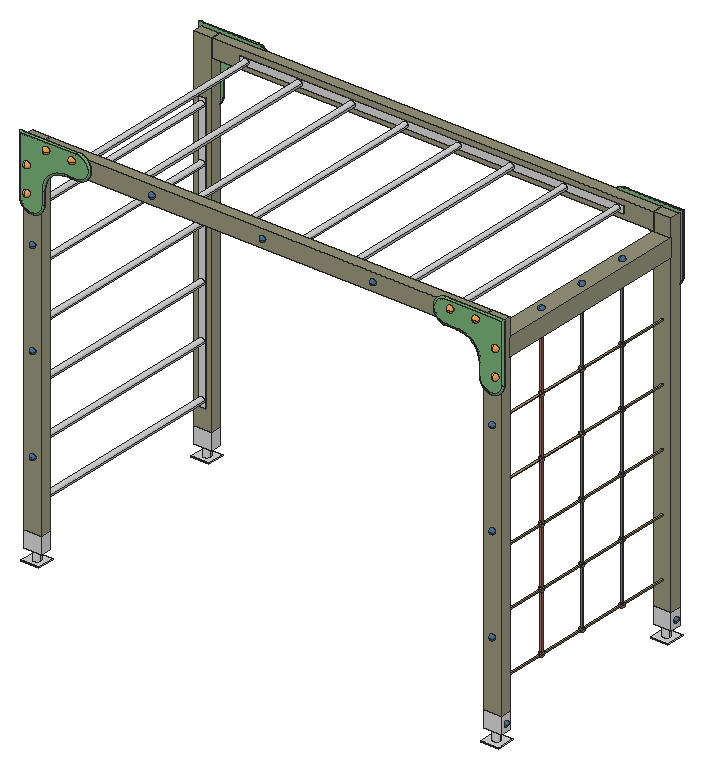
Revit family "20 Blks_Outd Mobipark_Overhead Ladder", category Furniture, Revit 2019
Family settings
  OmniClass Number = 23.40.20.00
  OmniClass Title = General Furniture and Specialties
  Work Plane-Based = Yes
  Always vertical = Yes
  Cut with Voids When Loaded = No
  Shared = No
  Room Calculation Point = No
Parameters (values of type "Wood and Green")
  data = ""
  c [instance] = ((N horizontal - 1) * 30 cm) + 7 cm  # 217 cm
  b [instance] = ((N vertical - 1) * 30 cm) + 7 cm  # 157 cm
  a [instance] = Depth - 17 cm  # 113 cm
  Website = "https://www.BlocksRvt.com/"
  Base = Blks - Wood - Oak - Paint - Green
  Depth [instance] = 130 cm
  Upper Screws = Blks - Plastic - Orange - Glazed
  Screw = Blks - Plastic - Blue - Dark - Glazed
  N vertical [instance] = rounddown(Height / 35 cm)  # 6
  N horizontal [instance] = roundup(Width / 35 cm)  # 8
  Width [instance] = 270 cm
  Manufacturer = "Mobipark"  # constant formula
  Metal Bars = Blks - Metal  - Inox
  Default Elevation = 121.92 cm
  Upper Detail = Blks - Plastic - Green - Glazed
  Designer = ""
  Vertical Ropes = Blks - Rope - Red
  Horizontal Ropes = Blks - Rope - Yellow
  Contact = "info@blocksrvt.com"  # constant formula
  Type Comments = "Overhead Ladder"  # constant formula
  Author = "Blocks"  # constant formula
  Assembly Code = "Outd"
  Height [instance] = 215 cm
Types (4, lengths in cm): name | Screw | Upper Detail
  (no name) | Blks - Plastic - Blue - Dark - Glazed | Blks - Plastic - Green - Glazed
  Wood and Green | Blks - Plastic - Blue - Dark - Glazed | Blks - Plastic - Green - Glazed
  Wood and Red | Blks - Plastic - Blue - Dark - Glazed | Blks - Plastic - Red - Glazed
  Wood and Blue | Blks - Plastic - Red - Glazed | Blks - Plastic - Blue - Dark - Glazed
Reference planes (cm)
  plane 1 "Centro (Frente/Trás)": y = 0
  plane 2: z = 0
  plane 3 "Centro (Esquerda/Direita)": x = 0
  plane 4: y = 65
  plane 5: y = -65
  plane 6: x = 135
  plane 7: x = -135
  plane 8: z = 215
  plane 9: z = 15
  plane 10: x = 125
  plane 11: x = -125
  plane 12: z = 205
  plane 13: y = 63
  plane 14: y = 57
  plane 15: y = -63
  plane 16: y = -57
  plane 17: z = 195
  plane 18: z = 30
  plane 19: z = 63
  plane 20: z = 96
  plane 21: z = 129
  plane 22: z = 162
  plane 23: y = -28.5
  plane 24: y = 28.5
  plane 25: x = 62.5
  plane 26: x = -62.5
  plane 27: z = 107.5
  plane 28: z = 161.25
  plane 29: z = 53.75
Forms (cm)
  Extrusion 1, solid, material "Blks - Metal  - Inox" <- "Metal Bars"
    sketch origin (0, 0, -24.5) x (1, 0, 0) y (0, 1, 0)
      loop
        line (125, 65) -> (125, 55) -> (135, 55) -> (135, 65) -> (125, 65)
    from 24.5 to 25
  Extrusion 2, solid, material "Blks - Metal  - Inox" <- "Metal Bars"
    sketch origin (0, 0, -24.5) x (1, 0, 0) y (0, 1, 0)
      loop
        line (125, -65) -> (135, -65) -> (135, -55) -> (125, -55) -> (125, -65)
    from 24.5 to 25
  Extrusion 3, solid, material "Blks - Metal  - Inox" <- "Metal Bars"
    sketch origin (0, 0, -24.5) x (-1, 0, 0) y (0, -1, 0)
      loop
        line (125, 65) -> (125, 55) -> (135, 55) -> (135, 65) -> (125, 65)
    from 24.5 to 25
  Extrusion 4, solid, material "Blks - Metal  - Inox" <- "Metal Bars"
    sketch origin (0, 0, -24.5) x (-1, 0, 0) y (0, -1, 0)
      loop
        line (125, -65) -> (135, -65) -> (135, -55) -> (125, -55) -> (125, -65)
    from 24.5 to 25
  Extrusion 5, solid, material "Blks - Metal  - Inox" <- "Metal Bars"
    sketch origin (0, 0, 0) x (1, 0, 0) y (0, 1, 0)
      loop
        circle (130, 60) r 2
    from 0.5 to 6
  Extrusion 6, solid, material "Blks - Metal  - Inox" <- "Metal Bars"
    sketch origin (0, 0, 0) x (1, 0, 0) y (0, 1, 0)
      loop
        circle (130, -60) r 2
    from 0.5 to 6
  Extrusion 7, solid, material "Blks - Metal  - Inox" <- "Metal Bars"
    sketch origin (0, 0, 0) x (-1, 0, 0) y (0, -1, 0)
      loop
        circle (130, 60) r 2
    from 0.5 to 6
  Extrusion 8, solid, material "Blks - Metal  - Inox" <- "Metal Bars"
    sketch origin (0, 0, 0) x (-1, 0, 0) y (0, -1, 0)
      loop
        circle (130, -60) r 2
    from 0.5 to 6
  Extrusion 9, solid, material "Blks - Metal  - Inox" <- "Metal Bars"
    sketch origin (0, 0, 0) x (1, 0, 0) y (0, 1, 0)
      loop
        line (135, 63) -> (125, 63) -> (125, 57) -> (135, 57) -> (135, 63)
    from 6 to 15
  Extrusion 10, solid, material "Blks - Metal  - Inox" <- "Metal Bars"
    sketch origin (0, 0, 0) x (-1, 0, 0) y (0, -1, 0)
      loop
        line (135, -63) -> (135, -57) -> (125, -57) -> (125, -63) -> (135, -63)
    from 6 to 15
  Extrusion 11, solid, material "Blks - Metal  - Inox" <- "Metal Bars"
    sketch origin (0, 0, 0) x (-1, 0, 0) y (0, -1, 0)
      loop
        line (135, 63) -> (125, 63) -> (125, 57) -> (135, 57) -> (135, 63)
    from 6 to 15
  Extrusion 12, solid, material "Blks - Metal  - Inox" <- "Metal Bars"
    sketch origin (0, 0, 0) x (1, 0, 0) y (0, 1, 0)
      loop
        line (135, -63) -> (135, -57) -> (125, -57) -> (125, -63) -> (135, -63)
    from 6 to 15
  Extrusion 13, solid, material "Blks - Wood - Oak - Paint - Green" <- "Base"
    sketch origin (0, 0, 0) x (1, 0, 0) y (0, 0, 1)
      loop
        line (-125, 215) -> (-135, 215) -> (-135, 15) -> (-125, 15) -> (-125, 215)
    from 57 to 63
  Extrusion 14, solid, material "Blks - Wood - Oak - Paint - Green" <- "Base"
    sketch origin (0, 0, 0) x (1, 0, 0) y (0, 0, -1)
      loop
        line (-125, -215) -> (-125, -15) -> (-135, -15) -> (-135, -215) -> (-125, -215)
    from 57 to 63
  Extrusion 15, solid, material "Blks - Wood - Oak - Paint - Green" <- "Base"
    sketch origin (0, 0, 0) x (1, 0, 0) y (0, 0, 1)
      loop
        line (135, 215) -> (125, 215) -> (125, 15) -> (135, 15) -> (135, 215)
    from 57 to 63
  Extrusion 16, solid, material "Blks - Wood - Oak - Paint - Green" <- "Base"
    sketch origin (0, 0, 0) x (1, 0, 0) y (0, 0, -1)
      loop
        line (135, -215) -> (135, -15) -> (125, -15) -> (125, -215) -> (135, -215)
    from 57 to 63
  Extrusion 17, solid, material "Blks - Wood - Oak - Paint - Green" <- "Base"
    sketch origin (0, 0, 0) x (1, 0, 0) y (0, 0, 1)
      loop
        line (125, 215) -> (-125, 215) -> (-125, 205) -> (125, 205) -> (125, 215)
    from 57 to 63
  Extrusion 18, solid, material "Blks - Wood - Oak - Paint - Green" <- "Base"
    sketch origin (0, 0, 0) x (1, 0, 0) y (0, 0, -1)
      loop
        line (125, -215) -> (125, -205) -> (-125, -205) -> (-125, -215) -> (125, -215)
    from 57 to 63
  Extrusion 19, solid, material "Blks - Wood - Oak - Paint - Green" <- "Base"
    sketch origin (0, 0, 0) x (0, 1, 0) y (0, 0, 1)
      loop
        line (-57, 205) -> (-57, 195) -> (57, 195) -> (57, 205) -> (-57, 205)
    from 125 to 135
  Extrusion 20, solid, material "Blks - Rope - Yellow" <- "Horizontal Ropes"
    sketch origin (0, 0, 0) x (1, 0, 0) y (0, 0, 1)
      loop
        circle (130, 30) r 0.5
    from -57 to 57
  Extrusion 21, solid, material "Blks - Rope - Yellow" <- "Horizontal Ropes"
    sketch origin (0, 0, 33) x (1, 0, 0) y (0, 0, 1)
      loop
        circle (130, 30) r 0.5
    from -57 to 57
  Extrusion 22, solid, material "Blks - Rope - Yellow" <- "Horizontal Ropes"
    sketch origin (0, 0, 66) x (1, 0, 0) y (0, 0, 1)
      loop
        circle (130, 30) r 0.5
    from -57 to 57
  Extrusion 23, solid, material "Blks - Rope - Yellow" <- "Horizontal Ropes"
    sketch origin (0, 0, 99) x (1, 0, 0) y (0, 0, 1)
      loop
        circle (130, 30) r 0.5
    from -57 to 57
  Extrusion 24, solid, material "Blks - Rope - Yellow" <- "Horizontal Ropes"
    sketch origin (0, 0, 132) x (1, 0, 0) y (0, 0, 1)
      loop
        circle (130, 30) r 0.5
    from -57 to 57
  Extrusion 25, solid, material "Blks - Rope - Red" <- "Vertical Ropes"
    sketch origin (0, 0, 0) x (1, 0, 0) y (0, 1, 0)
      loop
        circle (130, 28.5) r 0.5
    from 30 to 195
  Extrusion 26, solid, material "Blks - Rope - Red" <- "Vertical Ropes"
    sketch origin (0, -28.5, 0) x (1, 0, 0) y (0, 1, 0)
      loop
        circle (130, 28.5) r 0.5
    from 30 to 195
  Extrusion 27, solid, material "Blks - Rope - Red" <- "Vertical Ropes"
    sketch origin (0, -57, 0) x (1, 0, 0) y (0, 1, 0)
      loop
        circle (130, 28.5) r 0.5
    from 30 to 195
  Revolve 28, solid, material "Blks - Rope - Red" <- "Vertical Ropes"
    sketch origin (130, 0, 0) x (0, 1, 0) y (0, 0, 1)
      loop
        arc (28.5, 163.3) -> (27.2, 162) -> (28.5, 160.7) r 1.3
        line (28.5, 160.7) -> (28.5, 163.3)
      axis (28.5, 160.7) -> (28.5, 163.3)
    angle from 0 to 360
  Revolve 29, solid, material "Blks - Rope - Red" <- "Vertical Ropes", not visible
    sketch origin (130, 0, 0) x (0, 1, 0) y (0, 0, 1)
      loop
        arc (28.5, 163.3) -> (27.2, 162) -> (28.5, 160.7) r 1.3
        line (28.5, 160.7) -> (28.5, 163.3)
      axis (28.5, 160.7) -> (28.5, 163.3)
    angle from 0 to 360
  Revolve 30, solid, material "Blks - Rope - Red" <- "Vertical Ropes"
    sketch origin (130, -28.5, 0) x (0, 1, 0) y (0, 0, 1)
      loop
        arc (28.5, 163.3) -> (27.2, 162) -> (28.5, 160.7) r 1.3
        line (28.5, 160.7) -> (28.5, 163.3)
      axis (28.5, 160.7) -> (28.5, 163.3)
    angle from 0 to 360
  Revolve 31, solid, material "Blks - Rope - Red" <- "Vertical Ropes"
    sketch origin (130, -57, 0) x (0, 1, 0) y (0, 0, 1)
      loop
        arc (28.5, 163.3) -> (27.2, 162) -> (28.5, 160.7) r 1.3
        line (28.5, 160.7) -> (28.5, 163.3)
      axis (28.5, 160.7) -> (28.5, 163.3)
    angle from 0 to 360
  Revolve 32, solid, material "Blks - Rope - Red" <- "Vertical Ropes"
    sketch origin (130, 0, -33) x (0, 1, 0) y (0, 0, 1)
      loop
        arc (28.5, 163.3) -> (27.2, 162) -> (28.5, 160.7) r 1.3
        line (28.5, 160.7) -> (28.5, 163.3)
      axis (28.5, 160.7) -> (28.5, 163.3)
    angle from 0 to 360
  Revolve 33, solid, material "Blks - Rope - Red" <- "Vertical Ropes"
    sketch origin (130, -28.5, -33) x (0, 1, 0) y (0, 0, 1)
      loop
        arc (28.5, 163.3) -> (27.2, 162) -> (28.5, 160.7) r 1.3
        line (28.5, 160.7) -> (28.5, 163.3)
      axis (28.5, 160.7) -> (28.5, 163.3)
    angle from 0 to 360
  Revolve 34, solid, material "Blks - Rope - Red" <- "Vertical Ropes"
    sketch origin (130, -57, -33) x (0, 1, 0) y (0, 0, 1)
      loop
        arc (28.5, 163.3) -> (27.2, 162) -> (28.5, 160.7) r 1.3
        line (28.5, 160.7) -> (28.5, 163.3)
      axis (28.5, 160.7) -> (28.5, 163.3)
    angle from 0 to 360
  Revolve 35, solid, material "Blks - Rope - Red" <- "Vertical Ropes"
    sketch origin (130, 0, -66) x (0, 1, 0) y (0, 0, 1)
      loop
        arc (28.5, 163.3) -> (27.2, 162) -> (28.5, 160.7) r 1.3
        line (28.5, 160.7) -> (28.5, 163.3)
      axis (28.5, 160.7) -> (28.5, 163.3)
    angle from 0 to 360
  Revolve 36, solid, material "Blks - Rope - Red" <- "Vertical Ropes"
    sketch origin (130, -28.5, -66) x (0, 1, 0) y (0, 0, 1)
      loop
        arc (28.5, 163.3) -> (27.2, 162) -> (28.5, 160.7) r 1.3
        line (28.5, 160.7) -> (28.5, 163.3)
      axis (28.5, 160.7) -> (28.5, 163.3)
    angle from 0 to 360
  Revolve 37, solid, material "Blks - Rope - Red" <- "Vertical Ropes"
    sketch origin (130, -57, -66) x (0, 1, 0) y (0, 0, 1)
      loop
        arc (28.5, 163.3) -> (27.2, 162) -> (28.5, 160.7) r 1.3
        line (28.5, 160.7) -> (28.5, 163.3)
      axis (28.5, 160.7) -> (28.5, 163.3)
    angle from 0 to 360
  Revolve 38, solid, material "Blks - Rope - Red" <- "Vertical Ropes"
    sketch origin (130, 0, -99) x (0, 1, 0) y (0, 0, 1)
      loop
        arc (28.5, 163.3) -> (27.2, 162) -> (28.5, 160.7) r 1.3
        line (28.5, 160.7) -> (28.5, 163.3)
      axis (28.5, 160.7) -> (28.5, 163.3)
    angle from 0 to 360
  Revolve 39, solid, material "Blks - Rope - Red" <- "Vertical Ropes"
    sketch origin (130, -28.5, -99) x (0, 1, 0) y (0, 0, 1)
      loop
        arc (28.5, 163.3) -> (27.2, 162) -> (28.5, 160.7) r 1.3
        line (28.5, 160.7) -> (28.5, 163.3)
      axis (28.5, 160.7) -> (28.5, 163.3)
    angle from 0 to 360
  Revolve 40, solid, material "Blks - Rope - Red" <- "Vertical Ropes"
    sketch origin (130, -57, -99) x (0, 1, 0) y (0, 0, 1)
      loop
        arc (28.5, 163.3) -> (27.2, 162) -> (28.5, 160.7) r 1.3
        line (28.5, 160.7) -> (28.5, 163.3)
      axis (28.5, 160.7) -> (28.5, 163.3)
    angle from 0 to 360
  Revolve 41, solid, material "Blks - Rope - Red" <- "Vertical Ropes"
    sketch origin (130, 0, -132) x (0, 1, 0) y (0, 0, 1)
      loop
        arc (28.5, 163.3) -> (27.2, 162) -> (28.5, 160.7) r 1.3
        line (28.5, 160.7) -> (28.5, 163.3)
      axis (28.5, 160.7) -> (28.5, 163.3)
    angle from 0 to 360
  Revolve 42, solid, material "Blks - Rope - Red" <- "Vertical Ropes"
    sketch origin (130, -28.5, -132) x (0, 1, 0) y (0, 0, 1)
      loop
        arc (28.5, 163.3) -> (27.2, 162) -> (28.5, 160.7) r 1.3
        line (28.5, 160.7) -> (28.5, 163.3)
      axis (28.5, 160.7) -> (28.5, 163.3)
    angle from 0 to 360
  Revolve 43, solid, material "Blks - Rope - Red" <- "Vertical Ropes"
    sketch origin (130, -57, -132) x (0, 1, 0) y (0, 0, 1)
      loop
        arc (28.5, 163.3) -> (27.2, 162) -> (28.5, 160.7) r 1.3
        line (28.5, 160.7) -> (28.5, 163.3)
      axis (28.5, 160.7) -> (28.5, 163.3)
    angle from 0 to 360
Lines and regions (cm)
  symbolic lines, style "InvisibleLines"
    curve 1: line (130.7527, 0, 162) -> (129.2527, 0, 162)
    curve 3: line (0, 28.5, 162.6162) -> (0, 28.5, 161.3794)
    curve 5: line (130, 0, 162.5) -> (130, 0, 161.302)
    curve 7: line (130.7527, -28.5, 162) -> (129.2527, -28.5, 162)
    curve 8: line (0, 0, 162.6162) -> (0, 0, 161.3794)
    curve 9: line (130, -28.5, 162.5) -> (130, -28.5, 161.302)
    curve 10: line (130.7527, -57, 162) -> (129.2527, -57, 162)
    curve 11: line (0, -28.5, 162.6162) -> (0, -28.5, 161.3794)
    curve 12: line (130, -57, 162.5) -> (130, -57, 161.302)
    curve 13: line (130.7527, 0, 129) -> (129.2527, 0, 129)
    curve 14: line (0, 28.5, 129.6162) -> (0, 28.5, 128.3794)
    curve 15: line (130, 0, 129.5) -> (130, 0, 128.302)
    curve 16: line (130.7527, -28.5, 129) -> (129.2527, -28.5, 129)
    curve 17: line (0, 0, 129.6162) -> (0, 0, 128.3794)
    curve 18: line (130, -28.5, 129.5) -> (130, -28.5, 128.302)
    curve 19: line (130.7527, -57, 129) -> (129.2527, -57, 129)
    curve 20: line (0, -28.5, 129.6162) -> (0, -28.5, 128.3794)
    curve 21: line (130, -57, 129.5) -> (130, -57, 128.302)
    curve 22: line (130.7527, 0, 96) -> (129.2527, 0, 96)
    curve 23: line (0, 28.5, 96.6162) -> (0, 28.5, 95.3794)
    curve 24: line (130, 0, 96.5) -> (130, 0, 95.302)
    curve 25: line (130.7527, -28.5, 96) -> (129.2527, -28.5, 96)
    curve 26: line (0, 0, 96.6162) -> (0, 0, 95.3794)
    curve 27: line (130, -28.5, 96.5) -> (130, -28.5, 95.302)
    curve 28: line (130.7527, -57, 96) -> (129.2527, -57, 96)
    curve 29: line (0, -28.5, 96.6162) -> (0, -28.5, 95.3794)
    curve 30: line (130, -57, 96.5) -> (130, -57, 95.302)
    curve 31: line (130.7527, 0, 63) -> (129.2527, 0, 63)
    curve 32: line (0, 28.5, 63.6162) -> (0, 28.5, 62.3794)
    curve 33: line (130, 0, 63.5) -> (130, 0, 62.302)
    curve 34: line (130.7527, -28.5, 63) -> (129.2527, -28.5, 63)
    curve 35: line (0, 0, 63.6162) -> (0, 0, 62.3794)
    curve 36: line (130, -28.5, 63.5) -> (130, -28.5, 62.302)
    curve 37: line (130.7527, -57, 63) -> (129.2527, -57, 63)
    curve 38: line (0, -28.5, 63.6162) -> (0, -28.5, 62.3794)
    curve 39: line (130, -57, 63.5) -> (130, -57, 62.302)
    curve 40: line (130.7527, 0, 30) -> (129.2527, 0, 30)
    curve 41: line (0, 28.5, 30.6162) -> (0, 28.5, 29.3794)
    curve 42: line (130, 0, 30.5) -> (130, 0, 29.302)
    curve 43: line (130.7527, -28.5, 30) -> (129.2527, -28.5, 30)
    curve 44: line (0, 0, 30.6162) -> (0, 0, 29.3794)
    curve 45: line (130, -28.5, 30.5) -> (130, -28.5, 29.302)
    curve 46: line (130.7527, -57, 30) -> (129.2527, -57, 30)
    curve 47: line (0, -28.5, 30.6162) -> (0, -28.5, 29.3794)
    curve 48: line (130, -57, 30.5) -> (130, -57, 29.302)
  symbolic lines, style "InvisibleLines", not visible
    curve 2: line (130.7527, 0, 162) -> (129.2527, 0, 162)
    curve 4: line (0, 28.5, 162.6162) -> (0, 28.5, 161.3794)
    curve 6: line (130, 0, 162.5) -> (130, 0, 161.302)
Dimensions and locks (cm)
  equal spacing: plane 5, plane 1 "Centro (Frente/Trás)", plane 4
  "Depth": plane 5 to plane 4
  equal spacing: plane 7, plane 3 "Centro (Esquerda/Direita)", plane 6
  "Width": plane 7 to plane 6
  "Height": plane 8 to level
  locked: plane 7 to plane 11 at 10
  locked: plane 10 to plane 6 at 10
  locked: plane 8 to plane 12 at 10
  locked: plane 9 to level at 15
  plane 5 to plane 15 to plane 16 = 2 cm locked, 6 cm locked
  plane 14 to plane 13 to plane 4 = 6 cm locked, 2 cm locked
  locked: plane 17 to plane 12 at 10
  locked: level to plane 18 at 30
  equal spacing: plane 18, plane 19, plane 20, plane 21, plane 22, plane 17
  equal spacing: plane 14, plane 24, plane 1 "Centro (Frente/Trás)"
  equal spacing: plane 1 "Centro (Frente/Trás)", plane 23, plane 16
  plane 18 to Extrusion 20 sketch curve = 0 cm
  plane 19 to Extrusion 21 sketch curve = 0 cm
  plane 20 to Extrusion 22 sketch curve = 0 cm
  plane 21 to Extrusion 23 sketch curve = 0 cm
  plane 22 to Extrusion 24 sketch curve = 0 cm
  plane 24 to Extrusion 25 sketch curve = 0 cm
  plane 1 "Centro (Frente/Trás)" to Extrusion 26 sketch curve = 0 cm
  plane 23 to Extrusion 27 sketch curve = 0 cm
  locked: plane 6 to curve 5 at 5
  locked: plane 22 to curve 1
  locked: plane 24 to curve 3 at 0
  locked: plane 1 "Centro (Frente/Trás)" to curve 8 at 0
  locked: curve 9 to plane 6 at 5
  locked: curve 7 to plane 22
  locked: plane 23 to curve 11 at 0
  locked: plane 22 to curve 10
  locked: plane 6 to curve 12 at 5
  locked: plane 24 to curve 14 at 0
  locked: plane 21 to curve 13
  locked: plane 6 to curve 15 at 5
  locked: plane 1 "Centro (Frente/Trás)" to curve 17 at 0
  locked: plane 21 to curve 16
  locked: plane 6 to curve 18 at 5
  locked: plane 23 to curve 20 at 0
  locked: plane 21 to curve 19
  locked: plane 6 to curve 21 at 5
  locked: plane 24 to curve 23 at 0
  locked: plane 20 to curve 22
  locked: plane 6 to curve 24 at 5
  locked: plane 1 "Centro (Frente/Trás)" to curve 26 at 0
  locked: plane 20 to curve 25
  locked: plane 6 to curve 27 at 5
  locked: plane 23 to curve 29 at 0
  locked: plane 20 to curve 28
  locked: plane 6 to curve 30 at 5
  locked: plane 24 to curve 32 at 0
  locked: plane 19 to curve 31
  locked: plane 6 to curve 33 at 5
  locked: plane 1 "Centro (Frente/Trás)" to curve 35 at 0
  locked: plane 19 to curve 34
  locked: plane 6 to curve 36 at 5
  locked: plane 23 to curve 38 at 0
  locked: plane 19 to curve 37
  locked: plane 6 to curve 39 at 5
  locked: plane 24 to curve 41 at 0
  locked: plane 18 to Extrusion 27 at 0
  locked: plane 6 to curve 42 at 5
  locked: plane 1 "Centro (Frente/Trás)" to curve 44 at 0
  locked: plane 18 to curve 43 at 0
  locked: plane 6 to curve 45 at 5
  locked: plane 23 to curve 47 at 0
  locked: plane 18 to curve 46 at 0
  locked: plane 6 to curve 48 at 5
  equal spacing: group 17, group 18, group 19, group 20, group 21, group 22  (x3)
  locked: nested 2 to plane 18 at 28.5
  equal spacing: group 23, group 24, group 25, group 26, group 27, group 28, group 29, group 30  (x3)
  locked: nested 7 to plane 11 at 20
  locked: nested 8 to plane 11 at 50
  locked: plane 8 to nested 7 at 6.5
  locked: plane 8 to nested 8 at 6.5
  locked: plane 11 to nested 1 at 5
  locked: plane 11 to nested 2 at 5
  locked: nested 15 to plane 7 at 5
  locked: plane 18 to nested 15 at 3.5
  locked: nested 16 to plane 7 at 5
  locked: plane 18 to nested 16 at 3.5
  locked: nested 17 to plane 11 at 16.5
  locked: nested 17 to plane 12 at 5
  locked: nested 18 to plane 12 at 5
  locked: plane 11 to nested 18 at 16.5
  locked: plane 7 to nested 19 at 2
  locked: nested 19 to plane 8 at 2
  locked: nested 20 to plane 8 at 2
  locked: nested 20 to plane 7 at 2
  locked: nested 21 to plane 8 at 2
  locked: nested 21 to plane 6 at 2
  locked: nested 22 to plane 6 at 2
  locked: nested 22 to plane 8 at 2
  locked: nested 25 to plane 6 at 5
  locked: nested 24 to plane 6 at 5
  locked: nested 23 to plane 6 at 5
  equal spacing: plane 10, plane 25, plane 3 "Centro (Esquerda/Direita)"
  equal spacing: plane 3 "Centro (Esquerda/Direita)", plane 26, plane 11
  locked: plane 8 to nested 26 at 5
  locked: plane 8 to nested 27 at 5
  locked: plane 8 to nested 28 at 5
  locked: plane 8 to nested 29 at 5
  locked: plane 8 to nested 30 at 5
  locked: plane 8 to nested 31 at 5
  equal spacing: plane 8, plane 28, plane 27, plane 29, level
  locked: nested 34 to plane 7 at 5
  locked: nested 33 to plane 7 at 5
  locked: nested 32 to plane 7 at 5
  locked: nested 35 to plane 7 at 5
  locked: nested 36 to plane 7 at 5
  locked: nested 37 to plane 7 at 5
  locked: plane 6 to nested 38 at 5
  locked: plane 6 to nested 39 at 5
  locked: plane 6 to nested 40 at 5
  locked: nested 43 to plane 10 at 5
  locked: nested 42 to plane 10 at 5
  locked: nested 41 to plane 10 at 5
  aligned and locked: level to plane 2
  aligned and locked: Extrusion 13 to plane 15
  aligned and locked: plane 16 to Extrusion 13
  aligned and locked: Extrusion 14 to plane 13
  aligned and locked: Extrusion 14 to plane 14
  aligned and locked: Extrusion 15 to plane 15
  aligned and locked: Extrusion 15 to plane 16
  aligned and locked: Extrusion 16 to plane 13
  aligned and locked: plane 14 to Extrusion 16
  aligned and locked: Extrusion 17 to plane 15
  aligned and locked: plane 16 to Extrusion 17
  aligned and locked: Extrusion 18 to plane 13
  aligned and locked: plane 14 to Extrusion 18
  aligned and locked: plane 6 to Extrusion 19
  aligned and locked: Extrusion 19 to plane 10
  aligned and locked: Extrusion 20 to plane 14
  aligned and locked: Extrusion 20 to plane 16
  aligned and locked: Extrusion 21 to plane 14
  aligned and locked: Extrusion 21 to plane 16
  aligned and locked: Extrusion 22 to plane 16
  aligned and locked: Extrusion 22 to plane 14
  aligned and locked: Extrusion 23 to plane 14
  aligned and locked: Extrusion 23 to plane 16
  aligned and locked: Extrusion 24 to plane 14
  aligned and locked: Extrusion 24 to plane 16
  aligned and locked: Extrusion 25 to plane 17
  aligned and locked: plane 18 to Extrusion 25
  aligned and locked: Extrusion 26 to plane 17
  aligned and locked: plane 18 to Extrusion 26
  aligned and locked: Extrusion 27 to plane 17
  aligned and locked: plane 18 to Extrusion 27
  aligned and locked: plane 18 to nested 1
  aligned and locked: nested 23 to plane 24
  aligned and locked: nested 24 to plane 1 "Centro (Frente/Trás)"
  aligned and locked: nested 25 to plane 23
  aligned and locked: plane 26 to nested 26
  aligned and locked: plane 3 "Centro (Esquerda/Direita)" to nested 27
  aligned and locked: plane 25 to nested 28
  aligned and locked: plane 26 to nested 29
  aligned and locked: plane 3 "Centro (Esquerda/Direita)" to nested 30
  aligned and locked: plane 25 to nested 31
  aligned and locked: plane 29 to nested 34
  aligned and locked: plane 27 to nested 33
  aligned and locked: plane 28 to nested 32
  aligned and locked: nested 37 to plane 29
  aligned and locked: nested 36 to plane 27
  aligned and locked: nested 35 to plane 28
  aligned and locked: plane 28 to nested 38
  aligned and locked: plane 27 to nested 39
  aligned and locked: plane 29 to nested 40
  aligned and locked: nested 43 to plane 29
  aligned and locked: nested 41 to plane 28
  aligned and locked: nested 42 to plane 27
Automatic sketch dimensions
  Extrusion 13 sketch curve to plane 7 = 0 cm
  Extrusion 13 sketch curve to plane 9 = 0 cm
  Extrusion 13 sketch curve to plane 11 = 0 cm
  Extrusion 13 sketch curve to plane 8 = 0 cm
  Extrusion 14 sketch curve to plane 7 = 0 cm
  Extrusion 14 sketch curve to plane 9 = 0 cm
  Extrusion 14 sketch curve to plane 11 = 0 cm
  Extrusion 14 sketch curve to plane 8 = 0 cm
  Revolve 28 sketch curve to Revolve 28 sketch curve = 15.7 cm
  Revolve 28 sketch curve to Revolve 28 sketch curve = 1.3 cm
  Revolve 28 sketch curve to Revolve 28 sketch curve = 0 cm
  Revolve 28 sketch curve to Revolve 28 sketch curve = 21.7 cm
  Revolve 29 sketch curve to Revolve 29 sketch curve = 15.7 cm
  Revolve 29 sketch curve to Revolve 29 sketch curve = 1.3 cm
  Revolve 29 sketch curve to Revolve 29 sketch curve = 0 cm
  Revolve 29 sketch curve to Revolve 29 sketch curve = 21.7 cm
  curve 3 to curve 3 = 1.2369 cm
  curve 4 to curve 4 = 1.2369 cm
  curve 1 to curve 5 = 0.7473 cm
  curve 5 to curve 1 = 0.7527 cm
  curve 5 to curve 1 = 0.698 cm
  curve 1 to curve 5 = 0.5 cm
  curve 2 to curve 6 = 0.7473 cm
  curve 6 to curve 2 = 0.7527 cm
  curve 6 to curve 2 = 0.698 cm
  curve 2 to curve 6 = 0.5 cm
  Revolve 30 sketch curve to Revolve 30 sketch curve = 15.7 cm
  Revolve 30 sketch curve to Revolve 30 sketch curve = 1.3 cm
  Revolve 30 sketch curve to Revolve 30 sketch curve = 0 cm
  Revolve 30 sketch curve to Revolve 30 sketch curve = 21.7 cm
  curve 8 to curve 8 = 1.2369 cm
  curve 7 to curve 9 = 0.7473 cm
  curve 9 to curve 7 = 0.7527 cm
  curve 9 to curve 7 = 0.698 cm
  curve 7 to curve 9 = 0.5 cm
  Revolve 31 sketch curve to Revolve 31 sketch curve = 15.7 cm
  Revolve 31 sketch curve to Revolve 31 sketch curve = 1.3 cm
  Revolve 31 sketch curve to Revolve 31 sketch curve = 0 cm
  Revolve 31 sketch curve to Revolve 31 sketch curve = 21.7 cm
  curve 11 to curve 11 = 1.2369 cm
  curve 10 to curve 12 = 0.7473 cm
  curve 12 to curve 10 = 0.7527 cm
  curve 12 to curve 10 = 0.698 cm
  curve 10 to curve 12 = 0.5 cm
  Revolve 32 sketch curve to Revolve 32 sketch curve = 15.7 cm
  Revolve 32 sketch curve to Revolve 32 sketch curve = 1.3 cm
  Revolve 32 sketch curve to Revolve 32 sketch curve = 0 cm
  Revolve 32 sketch curve to Revolve 32 sketch curve = 21.7 cm
  curve 14 to curve 14 = 1.2369 cm
  curve 13 to curve 15 = 0.7473 cm
  curve 15 to curve 13 = 0.7527 cm
  curve 15 to curve 13 = 0.698 cm
  curve 13 to curve 15 = 0.5 cm
  Revolve 33 sketch curve to Revolve 33 sketch curve = 15.7 cm
  Revolve 33 sketch curve to Revolve 33 sketch curve = 1.3 cm
  Revolve 33 sketch curve to Revolve 33 sketch curve = 0 cm
  Revolve 33 sketch curve to Revolve 33 sketch curve = 21.7 cm
  curve 17 to curve 17 = 1.2369 cm
  curve 16 to curve 18 = 0.7473 cm
  curve 18 to curve 16 = 0.7527 cm
  curve 18 to curve 16 = 0.698 cm
  curve 16 to curve 18 = 0.5 cm
  Revolve 34 sketch curve to Revolve 34 sketch curve = 15.7 cm
  Revolve 34 sketch curve to Revolve 34 sketch curve = 1.3 cm
  Revolve 34 sketch curve to Revolve 34 sketch curve = 0 cm
  Revolve 34 sketch curve to Revolve 34 sketch curve = 21.7 cm
  curve 20 to curve 20 = 1.2369 cm
  curve 19 to curve 21 = 0.7473 cm
  curve 21 to curve 19 = 0.7527 cm
  curve 21 to curve 19 = 0.698 cm
  curve 19 to curve 21 = 0.5 cm
  Revolve 35 sketch curve to Revolve 35 sketch curve = 15.7 cm
  Revolve 35 sketch curve to Revolve 35 sketch curve = 1.3 cm
  Revolve 35 sketch curve to Revolve 35 sketch curve = 0 cm
  Revolve 35 sketch curve to Revolve 35 sketch curve = 21.7 cm
  curve 23 to curve 23 = 1.2369 cm
  curve 22 to curve 24 = 0.7473 cm
  curve 24 to curve 22 = 0.7527 cm
  curve 24 to curve 22 = 0.698 cm
  curve 22 to curve 24 = 0.5 cm
  Revolve 36 sketch curve to Revolve 36 sketch curve = 15.7 cm
  Revolve 36 sketch curve to Revolve 36 sketch curve = 1.3 cm
  Revolve 36 sketch curve to Revolve 36 sketch curve = 0 cm
  Revolve 36 sketch curve to Revolve 36 sketch curve = 21.7 cm
  curve 26 to curve 26 = 1.2369 cm
  curve 25 to curve 27 = 0.7473 cm
  curve 27 to curve 25 = 0.7527 cm
  curve 27 to curve 25 = 0.698 cm
  curve 25 to curve 27 = 0.5 cm
  Revolve 37 sketch curve to Revolve 37 sketch curve = 15.7 cm
  Revolve 37 sketch curve to Revolve 37 sketch curve = 1.3 cm
  Revolve 37 sketch curve to Revolve 37 sketch curve = 0 cm
  Revolve 37 sketch curve to Revolve 37 sketch curve = 21.7 cm
  curve 29 to curve 29 = 1.2369 cm
  curve 28 to curve 30 = 0.7473 cm
  curve 30 to curve 28 = 0.7527 cm
  curve 30 to curve 28 = 0.698 cm
  curve 28 to curve 30 = 0.5 cm
  Revolve 38 sketch curve to Revolve 38 sketch curve = 15.7 cm
  Revolve 38 sketch curve to Revolve 38 sketch curve = 1.3 cm
  Revolve 38 sketch curve to Revolve 38 sketch curve = 0 cm
  Revolve 38 sketch curve to Revolve 38 sketch curve = 21.7 cm
  curve 32 to curve 32 = 1.2369 cm
  curve 31 to curve 33 = 0.7473 cm
  curve 33 to curve 31 = 0.7527 cm
  curve 33 to curve 31 = 0.698 cm
  curve 31 to curve 33 = 0.5 cm
  Revolve 39 sketch curve to Revolve 39 sketch curve = 15.7 cm
  Revolve 39 sketch curve to Revolve 39 sketch curve = 1.3 cm
  Revolve 39 sketch curve to Revolve 39 sketch curve = 0 cm
  Revolve 39 sketch curve to Revolve 39 sketch curve = 21.7 cm
  curve 35 to curve 35 = 1.2369 cm
  curve 34 to curve 36 = 0.7473 cm
  curve 36 to curve 34 = 0.7527 cm
  curve 36 to curve 34 = 0.698 cm
  curve 34 to curve 36 = 0.5 cm
  Revolve 40 sketch curve to Revolve 40 sketch curve = 15.7 cm
  Revolve 40 sketch curve to Revolve 40 sketch curve = 1.3 cm
  Revolve 40 sketch curve to Revolve 40 sketch curve = 0 cm
  Revolve 40 sketch curve to Revolve 40 sketch curve = 21.7 cm
  curve 38 to curve 38 = 1.2369 cm
  curve 37 to curve 39 = 0.7473 cm
  curve 39 to curve 37 = 0.7527 cm
  curve 39 to curve 37 = 0.698 cm
  curve 37 to curve 39 = 0.5 cm
  Revolve 41 sketch curve to Revolve 41 sketch curve = 15.7 cm
  Revolve 41 sketch curve to Revolve 41 sketch curve = 1.3 cm
  Revolve 41 sketch curve to Revolve 41 sketch curve = 0 cm
  Revolve 41 sketch curve to Revolve 41 sketch curve = 21.7 cm
  curve 41 to curve 41 = 1.2369 cm
  curve 40 to curve 42 = 0.7473 cm
  curve 42 to curve 40 = 0.7527 cm
  curve 42 to curve 40 = 0.698 cm
  curve 40 to curve 42 = 0.5 cm
  Revolve 42 sketch curve to Revolve 42 sketch curve = 15.7 cm
  Revolve 42 sketch curve to Revolve 42 sketch curve = 1.3 cm
  Revolve 42 sketch curve to Revolve 42 sketch curve = 0 cm
  Revolve 42 sketch curve to Revolve 42 sketch curve = 21.7 cm
  curve 44 to curve 44 = 1.2369 cm
  curve 43 to curve 45 = 0.7473 cm
  curve 45 to curve 43 = 0.7527 cm
  curve 45 to curve 43 = 0.698 cm
  curve 43 to curve 45 = 0.5 cm
  Revolve 43 sketch curve to Revolve 43 sketch curve = 15.7 cm
  Revolve 43 sketch curve to Revolve 43 sketch curve = 1.3 cm
  Revolve 43 sketch curve to Revolve 43 sketch curve = 0 cm
  Revolve 43 sketch curve to Revolve 43 sketch curve = 21.7 cm
  curve 47 to curve 47 = 1.2369 cm
  curve 46 to curve 48 = 0.7473 cm
  curve 48 to curve 46 = 0.7527 cm
  curve 48 to curve 46 = 0.698 cm
  curve 46 to curve 48 = 0.5 cm
  Extrusion 1 sketch curve to plane 10 = 0 cm
  plane 4 to Extrusion 1 sketch curve = 0 cm
  Extrusion 1 sketch curve to plane 6 = 0 cm
  plane 14 to Extrusion 1 sketch curve = 2 cm
  Extrusion 2 sketch curve to plane 10 = 0 cm
  plane 5 to Extrusion 2 sketch curve = 0 cm
  Extrusion 2 sketch curve to plane 6 = 0 cm
  plane 16 to Extrusion 2 sketch curve = 2 cm
  Extrusion 3 sketch curve to plane 11 = 0 cm
  plane 5 to Extrusion 3 sketch curve = 0 cm
  Extrusion 3 sketch curve to plane 7 = 0 cm
  plane 16 to Extrusion 3 sketch curve = 2 cm
  Extrusion 4 sketch curve to plane 11 = 0 cm
  plane 4 to Extrusion 4 sketch curve = 0 cm
  Extrusion 4 sketch curve to plane 7 = 0 cm
  plane 14 to Extrusion 4 sketch curve = 2 cm
  Extrusion 5 sketch curve to plane 6 = 5 cm
  plane 13 to Extrusion 5 sketch curve = 3 cm
  Extrusion 6 sketch curve to plane 6 = 5 cm
  plane 15 to Extrusion 6 sketch curve = 3 cm
  plane 7 to Extrusion 7 sketch curve = 5 cm
  plane 15 to Extrusion 7 sketch curve = 3 cm
  plane 7 to Extrusion 8 sketch curve = 5 cm
  plane 13 to Extrusion 8 sketch curve = 3 cm
  Extrusion 9 sketch curve to plane 10 = 0 cm
  Extrusion 9 sketch curve to plane 6 = 0 cm
  plane 14 to Extrusion 9 sketch curve = 0 cm
  plane 13 to Extrusion 9 sketch curve = 0 cm
  Extrusion 10 sketch curve to plane 11 = 0 cm
  Extrusion 10 sketch curve to plane 7 = 0 cm
  plane 13 to Extrusion 10 sketch curve = 0 cm
  plane 14 to Extrusion 10 sketch curve = 0 cm
  Extrusion 11 sketch curve to plane 11 = 0 cm
  Extrusion 11 sketch curve to plane 7 = 0 cm
  Extrusion 11 sketch curve to plane 16 = 0 cm
  Extrusion 11 sketch curve to plane 15 = 0 cm
  Extrusion 12 sketch curve to plane 10 = 0 cm
  Extrusion 12 sketch curve to plane 6 = 0 cm
  Extrusion 12 sketch curve to plane 15 = 0 cm
  Extrusion 12 sketch curve to plane 16 = 0 cm
  Extrusion 15 sketch curve to plane 8 = 0 cm
  Extrusion 15 sketch curve to plane 10 = 0 cm
  Extrusion 15 sketch curve to plane 6 = 0 cm
  Extrusion 15 sketch curve to plane 9 = 0 cm
  Extrusion 16 sketch curve to plane 8 = 0 cm
  Extrusion 16 sketch curve to plane 10 = 0 cm
  Extrusion 16 sketch curve to plane 6 = 0 cm
  Extrusion 16 sketch curve to plane 9 = 0 cm
  Extrusion 17 sketch curve to plane 8 = 0 cm
  Extrusion 17 sketch curve to plane 11 = 0 cm
  Extrusion 17 sketch curve to plane 10 = 0 cm
  Extrusion 17 sketch curve to plane 12 = 0 cm
  Extrusion 18 sketch curve to plane 8 = 0 cm
  Extrusion 18 sketch curve to plane 11 = 0 cm
  Extrusion 18 sketch curve to plane 10 = 0 cm
  Extrusion 18 sketch curve to plane 12 = 0 cm
  Extrusion 19 sketch curve to plane 16 = 0 cm
  Extrusion 19 sketch curve to plane 14 = 0 cm
  plane 17 to Extrusion 19 sketch curve = 0 cm
  plane 12 to Extrusion 19 sketch curve = 0 cm
  Extrusion 20 sketch curve to plane 6 = 5 cm
  Extrusion 21 sketch curve to plane 6 = 5 cm
  Extrusion 22 sketch curve to plane 6 = 5 cm
  Extrusion 23 sketch curve to plane 6 = 5 cm
  Extrusion 24 sketch curve to plane 6 = 5 cm
  Extrusion 25 sketch curve to plane 6 = 5 cm
  Extrusion 26 sketch curve to plane 6 = 5 cm
  Extrusion 27 sketch curve to plane 6 = 5 cm
  radius of Extrusion 5 sketch curve = 2 cm
  radius of Extrusion 6 sketch curve = 2 cm
  radius of Extrusion 7 sketch curve = 2 cm
  radius of Extrusion 8 sketch curve = 2 cm
  radius of Extrusion 20 sketch curve = 0.5 cm
  radius of Extrusion 21 sketch curve = 0.5 cm
  radius of Extrusion 22 sketch curve = 0.5 cm
  radius of Extrusion 23 sketch curve = 0.5 cm
  radius of Extrusion 24 sketch curve = 0.5 cm
  radius of Extrusion 25 sketch curve = 0.5 cm
  radius of Extrusion 26 sketch curve = 0.5 cm
  radius of Extrusion 27 sketch curve = 0.5 cm
Nested families (cm)
  nested 1: "Blks_Decor - Rolo de Plástico" at (-130, 0, 28.5) x (0, 1, 0) z (0, 0, 1), Largura <- "a", type "Único"
    with Raio 1.5 cm, Largura 113 cm
  nested 2: "Blks_Decor - Rolo de Plástico" at (-130, 0, 58.5) x (0, 1, 0) z (0, 0, 1), Largura <- "a", type "Único"
    with Raio 1.5 cm, Largura 113 cm
  nested 3: "Blks_Decor - Rolo de Plástico" at (-130, 0, 88.5) x (0, 1, 0) z (0, 0, 1), Largura <- "a", type "Único"
    with Raio 1.5 cm, Largura 113 cm
  nested 4: "Blks_Decor - Rolo de Plástico" at (-130, 0, 118.5) x (0, 1, 0) z (0, 0, 1), Largura <- "a", type "Único"
    with Raio 1.5 cm, Largura 113 cm
  nested 5: "Blks_Decor - Rolo de Plástico" at (-130, 0, 148.5) x (0, 1, 0) z (0, 0, 1), Largura <- "a", type "Único"
    with Raio 1.5 cm, Largura 113 cm
  nested 6: "Blks_Decor - Rolo de Plástico" at (-130, 0, 178.5) x (0, 1, 0) z (0, 0, 1), Largura <- "a", type "Único"
    with Raio 1.5 cm, Largura 113 cm
  nested 7: "Blks_Decor - Rolo de Plástico" at (-105, 0, 208.5) x (0, 1, 0) z (0, 0, 1), Largura <- "a", type "Único"
    with Raio 1.5 cm, Largura 113 cm
  nested 8: "Blks_Decor - Rolo de Plástico" at (-75, 0, 208.5) x (0, 1, 0) z (0, 0, 1), Largura <- "a", type "Único"
    with Raio 1.5 cm, Largura 113 cm
  nested 9: "Blks_Decor - Rolo de Plástico" at (-45, 0, 208.5) x (0, 1, 0) z (0, 0, 1), Largura <- "a", type "Único"
    with Raio 1.5 cm, Largura 113 cm
  nested 10: "Blks_Decor - Rolo de Plástico" at (-15, 0, 208.5) x (0, 1, 0) z (0, 0, 1), Largura <- "a", type "Único"
    with Raio 1.5 cm, Largura 113 cm
  nested 11: "Blks_Decor - Rolo de Plástico" at (15, 0, 208.5) x (0, 1, 0) z (0, 0, 1), Largura <- "a", type "Único"
    with Raio 1.5 cm, Largura 113 cm
  nested 12: "Blks_Decor - Rolo de Plástico" at (45, 0, 208.5) x (0, 1, 0) z (0, 0, 1), Largura <- "a", type "Único"
    with Raio 1.5 cm, Largura 113 cm
  nested 13: "Blks_Decor - Rolo de Plástico" at (75, 0, 208.5) x (0, 1, 0) z (0, 0, 1), Largura <- "a", type "Único"
    with Raio 1.5 cm, Largura 113 cm
  nested 14: "Blks_Decor - Rolo de Plástico" at (105, 0, 208.5) x (0, 1, 0) z (0, 0, 1), Largura <- "a", type "Único"
    with Raio 1.5 cm, Largura 113 cm
  nested 15: "Blks_Decor - Chapa metálica baseada na face" at (-130, 57, 26.5) x (1, 0, 0) z (0, -1, 0), Largura <- "b", type "Único"
    with Profundidade 4 cm, Largura 157 cm
  nested 16: "Blks_Decor - Chapa metálica baseada na face" at (-130, -57, 26.5) x (-1, 0, 0) z (0, 1, 0), Largura <- "b", type "Único"
    with Profundidade 4 cm, Largura 157 cm
  nested 17: "Blks_Decor - Chapa metálica baseada na face" at (-108.5, -57, 210) x (0, 0, 1) z (0, 1, 0), Largura <- "c", type "Único"
    with Profundidade 4 cm, Largura 217 cm
  nested 18: "Blks_Decor - Chapa metálica baseada na face" at (-108.5, 57, 210) x (0, 0, -1) z (0, -1, 0), Largura <- "c", type "Único"
    with Profundidade 4 cm, Largura 217 cm
  nested 19: "Blks_AE Mobipark_Escada Horizontal - Detalhe Frontal" at (-117, -63, 197) x (1, 0, 0) z (0, -1, 0), type "Único"
  nested 20: "Blks_AE Mobipark_Escada Horizontal - Detalhe Frontal" at (-117, 63, 197) x (0, 0, -1) z (0, 1, 0), type "Único"
  nested 21: "Blks_AE Mobipark_Escada Horizontal - Detalhe Frontal" at (117, 63, 197) x (-1, 0, 0) z (0, 1, 0), type "Único"
  nested 22: "Blks_AE Mobipark_Escada Horizontal - Detalhe Frontal" at (117, -63, 197) x (0, 0, -1) z (0, -1, 0), type "Único"
  nested 23: "Blks_Parafuso redondo" at (130, 28.5, 205) x (0, 1, 0) z (0, 0, 1), type "Único"
    with Diâmetro 3 cm
  nested 24: "Blks_Parafuso redondo" at (130, 0, 205) x (0, 1, 0) z (0, 0, 1), type "Único"
    with Diâmetro 3 cm
  nested 25: "Blks_Parafuso redondo" at (130, -28.5, 205) x (0, 1, 0) z (0, 0, 1), type "Único"
    with Diâmetro 3 cm
  nested 26: "Blks_Parafuso redondo" at (-62.5, -63, 210) x (1, 0, 0) z (0, -1, 0), type "Único"
    with Diâmetro 3 cm
  nested 27: "Blks_Parafuso redondo" at (0, -63, 210) x (1, 0, 0) z (0, -1, 0), type "Único"
    with Diâmetro 3 cm
  nested 28: "Blks_Parafuso redondo" at (62.5, -63, 210) x (1, 0, 0) z (0, -1, 0), type "Único"
    with Diâmetro 3 cm
  nested 29: "Blks_Parafuso redondo" at (-62.5, 63, 210) x (1, 0, 0) z (0, 1, 0), type "Único"
    with Diâmetro 3 cm
  nested 30: "Blks_Parafuso redondo" at (0, 63, 210) x (1, 0, 0) z (0, 1, 0), type "Único"
    with Diâmetro 3 cm
  nested 31: "Blks_Parafuso redondo" at (62.5, 63, 210) x (1, 0, 0) z (0, 1, 0), type "Único"
    with Diâmetro 3 cm
  nested 32: "Blks_Parafuso redondo" at (-130, -63, 161.25) x (1, 0, 0) z (0, -1, 0), type "Único"
    with Diâmetro 3 cm
  nested 33: "Blks_Parafuso redondo" at (-130, -63, 107.5) x (1, 0, 0) z (0, -1, 0), type "Único"
    with Diâmetro 3 cm
  nested 34: "Blks_Parafuso redondo" at (-130, -63, 53.75) x (1, 0, 0) z (0, -1, 0), type "Único"
    with Diâmetro 3 cm
  nested 35: "Blks_Parafuso redondo" at (-130, 63, 161.25) x (1, 0, 0) z (0, 1, 0), type "Único"
    with Diâmetro 3 cm
  nested 36: "Blks_Parafuso redondo" at (-130, 63, 107.5) x (1, 0, 0) z (0, 1, 0), type "Único"
    with Diâmetro 3 cm
  nested 37: "Blks_Parafuso redondo" at (-130, 63, 53.75) x (1, 0, 0) z (0, 1, 0), type "Único"
    with Diâmetro 3 cm
  nested 38: "Blks_Parafuso redondo" at (130, -63, 161.25) x (1, 0, 0) z (0, -1, 0), type "Único"
    with Diâmetro 3 cm
  nested 39: "Blks_Parafuso redondo" at (130, -63, 107.5) x (1, 0, 0) z (0, -1, 0), type "Único"
    with Diâmetro 3 cm
  nested 40: "Blks_Parafuso redondo" at (130, -63, 53.75) x (1, 0, 0) z (0, -1, 0), type "Único"
    with Diâmetro 3 cm
  nested 41: "Blks_Parafuso redondo" at (130, 63, 161.25) x (1, 0, 0) z (0, 1, 0), type "Único"
    with Diâmetro 3 cm
  nested 42: "Blks_Parafuso redondo" at (130, 63, 107.5) x (1, 0, 0) z (0, 1, 0), type "Único"
    with Diâmetro 3 cm
  nested 43: "Blks_Parafuso redondo" at (130, 63, 53.75) x (1, 0, 0) z (0, 1, 0), type "Único"
    with Diâmetro 3 cm
  nested 44: "Blks_Parafuso redondo" at (-135, -60, 10.5) x (0, 1, 0) z (-1, 0, 0), type "Único"
    with Diâmetro 3 cm
  nested 45: "Blks_Parafuso redondo" at (-135, 60, 10.5) x (0, -1, 0) z (-1, 0, 0), type "Único"
    with Diâmetro 3 cm
  nested 46: "Blks_Parafuso redondo" at (135, -60, 10.5) x (0, 1, 0) z (1, 0, 0), type "Único"
    with Diâmetro 3 cm
  nested 47: "Blks_Parafuso redondo" at (135, 60, 10.5) x (0, -1, 0) z (1, 0, 0), type "Único"
    with Diâmetro 3 cm
Definition of nested family "Blks_Decor - Rolo de Plástico"
  Parameters (values of type "Único")
    data = ""
    Website = "https://www.BlocksRvt.com/"
    Rolinho = none
    Raio [instance] = 1.4 cm
    Largura [instance] = 40 cm
    Default Elevation = 121.92 cm
    Designer = ""
    Contact = "info@blocksrvt.com"  # constant formula
    Author = "Blocks"  # constant formula
  Reference planes (cm)
    plane 1 "Centro (Frente/Trás)": y = 0
    plane 2: z = 0
    plane 3 "Centro (Esquerda/Direita)": x = 0
    plane 4: x = 20
    plane 5: x = -20
  Forms (cm)
    Extrusion 1, solid, material <- "Rolinho"
      sketch origin (0, 0, 0) x (0, 1, 0) y (0, 0, 1)
        loop
          circle (0, 1.4) r 1.4
      from -20 to 20
  Dimensions and locks (cm)
    equal spacing: plane 5, plane 3 "Centro (Esquerda/Direita)", plane 4
    "Largura": plane 5 to plane 4
    level to Extrusion 1 sketch curve = 0 cm
    "Raio": radius of Extrusion 1 sketch curve
    aligned and locked: level to plane 2
    aligned and locked: Extrusion 1 to plane 5
    aligned and locked: plane 4 to Extrusion 1
  Automatic sketch dimensions
    Extrusion 1 sketch curve to plane 1 "Centro (Frente/Trás)" = 0 cm
Definition of nested family "Blks_Decor - Chapa metálica baseada na face"
  Parameters (values of type "Único")
    data = ""
    Website = "https://www.BlocksRvt.com/"
    Largura [instance] = 40 cm
    Profundidade [instance] = 5 cm
    Default Elevation = 121.92 cm
    Designer = ""
    Contact = "info@blocksrvt.com"  # constant formula
    Chapa = none
    Author = "Blocks"  # constant formula
  Reference planes (cm)
    plane 1 "Centro (Frente/Trás)": y = 0
    plane 2: z = 0
    plane 3 "Centro (Esquerda/Direita)": x = 0
    plane 4: y = 40
    plane 5: x = 2.5
    plane 6: x = -2.5
  Forms (cm)
    Extrusion 1, solid
      sketch origin (0, 0, 0) x (1, 0, 0) y (0, 1, 0)
        loop
          line (-10, 9.5) -> (-10, -9.3985) -> (11.0395, -9.3985) -> (11.0395, 9.5) -> (-10, 9.5)
      from 0 to -4.2468
    Extrusion 2, solid, material <- "Chapa"
      sketch origin (0, 0, 0) x (1, 0, 0) y (0, 1, 0)
        loop
          line (2.5, 40) -> (-2.5, 40) -> (-2.5, 0) -> (2.5, 0) -> (2.5, 40)
      from 0 to 0.5
  Dimensions and locks (cm)
    "Largura": plane 1 "Centro (Frente/Trás)" to plane 4
    equal spacing: plane 6, plane 3 "Centro (Esquerda/Direita)", plane 5
    "Profundidade": plane 6 to plane 5
    aligned and locked: plane 2 to Extrusion 1
    aligned and locked: level to Extrusion 1
  Automatic sketch dimensions
    Extrusion 1 sketch curve to Extrusion 1 sketch curve = 21.0395 cm
    Extrusion 1 sketch curve to Extrusion 1 sketch curve = 18.8985 cm
    Extrusion 2 sketch curve to plane 1 "Centro (Frente/Trás)" = 0 cm
    Extrusion 2 sketch curve to plane 6 = 0 cm
    plane 4 to Extrusion 2 sketch curve = 0 cm
    plane 5 to Extrusion 2 sketch curve = 0 cm
Definition of nested family "Blks_AE Mobipark_Escada Horizontal - Detalhe Frontal"
  Parameters (values of type "Único")
    data = ""
    Website = "https://www.BlocksRvt.com/"
    Parafusos = none
    Default Elevation = 121.92 cm
    Detalhe = none
    Designer = ""
    Contact = "info@blocksrvt.com"  # constant formula
    Author = "Blocks"  # constant formula
  Reference planes (cm)
    plane 1 "Centro (Frente/Trás)": y = 0
    plane 2: z = 0
    plane 3 "Centro (Esquerda/Direita)": x = 0
    plane 4: y = -20
    plane 5: y = 20
    plane 6: x = 20
    plane 7: x = -20
  Forms (cm)
    Extrusion 1, solid
      sketch origin (0, 0, 0) x (1, 0, 0) y (0, 1, 0)
        loop
          line (-24, 24) -> (-24, -24.429) -> (24.7522, -24.429) -> (24.7522, 24) -> (-24, 24)
      from 0 to -4.2468
    Extrusion 2, solid, material <- "Detalhe"
      sketch origin (0, 0, 0) x (1, 0, 0) y (0, 1, 0)
        loop
          line (13, 20) -> (-20, 20) -> (-20, -13)
          arc (-20, -13) -> (-13, -20) -> (-6, -13) r 7
          line (-6, -13) -> (-6, -6)
          arc (-6, -6) -> (-2.4853, 2.4853) -> (6, 6) r 12
          line (6, 6) -> (13, 6)
          arc (13, 6) -> (20, 13) -> (13, 20) r 7
      from 0 to 1
    Sweep 3, void
      path in 3D
        loop
          line (-20, 20, 1) -> (-20, -13, 1)
          arc (-20, -13, 1) -> (-13, -20, 1) -> (-6, -13, 1) r 7
          line (-6, -13, 1) -> (-6, -6, 1)
          arc (-6, -6, 1) -> (-2.4853, 2.4853, 1) -> (6, 6, 1) r 12
          line (6, 6, 1) -> (13, 6, 1)
          arc (13, 6, 1) -> (20, 13, 1) -> (13, 20, 1) r 7
          line (13, 20, 1) -> (-20, 20, 1)
      profile origin (-3.5, 20, 1) x (0, -1, 0) y (0, 0, 1)
        loop
          line (0, 0) -> (0, -0.8)
          arc (0, -0.8) -> (0.2343, -0.2343) -> (0.8, 0) r 0.8
          line (0.8, 0) -> (0, 0)
  Cuts and joins
    Sweep 3 cuts Extrusion 2
  Lines and regions (cm)
    sketch lines
      curve 1: line (13, 20, 1) -> (-20, 20, 1)
      curve 2: line (-20, 20, 1) -> (-20, -13, 1)
      curve 3: arc (-6, -13, 1) -> (-13, -20, 1) -> (-20, -13, 1) r 7
      curve 4: arc (6, 6, 1) -> (-2.4853, 2.4853, 1) -> (-6, -6, 1) r 12
      curve 5: line (-6, -13, 1) -> (-6, -6, 1)
      curve 6: line (6, 6, 1) -> (13, 6, 1)
      curve 7: arc (13, 20, 1) -> (20, 13, 1) -> (13, 6, 1) r 7
  Dimensions and locks (cm)
    aligned and locked: plane 2 to Extrusion 1
    aligned and locked: level to Extrusion 1
  Nested families (cm)
    nested 1: "Blks_Parafuso redondo" at (10, 15.5, 1), type "Único"
      with Diâmetro 3.5 cm
    nested 2: "Blks_Parafuso redondo" at (-4.5, 15.5, 1), type "Único"
      with Diâmetro 3.5 cm
    nested 3: "Blks_Parafuso redondo" at (-15.5, -10, 1) x (0, -1, 0) z (0, 0, 1), type "Único"
      with Diâmetro 3.5 cm
    nested 4: "Blks_Parafuso redondo" at (-15.5, 4.5, 1) x (0, -1, 0) z (0, 0, 1), type "Único"
      with Diâmetro 3.5 cm
  Definition of nested family "Blks_Parafuso redondo"
    Parameters (values of type "Único")
      data = ""
      Website = "https://www.BlocksRvt.com/"
      Parafuso = none
      Default Elevation = 121.92 cm
      Diâmetro [instance] = 2 cm
      Designer = ""
      Contact = "info@blocksrvt.com"  # constant formula
      Author = "Blocks"  # constant formula
    Reference planes (cm)
      plane 1 "Centro (Frente/Trás)": y = 0
      plane 2: z = 0
      plane 3 "Centro (Esquerda/Direita)": x = 0
      plane 4: x = 1
      plane 5: x = -1
      plane 6: y = -1
      plane 7: y = 1
    Forms (cm)
      Extrusion 1, solid
        sketch origin (0, 0, 0) x (1, 0, 0) y (0, 1, 0)
          loop
            line (-10, 9.5) -> (-10, -9.3985) -> (11.0395, -9.3985) -> (11.0395, 9.5) -> (-10, 9.5)
        from 0 to -4.2468
      Revolve 2, solid, material <- "Parafuso"
        sketch origin (0, 0, 0) x (1, 0, 0) y (0, 0, 1)
          loop
            arc (1, 0) -> (0.7071, 0.7071) -> (0, 1) r 1
            line (0, 1) -> (0, 0) -> (1, 0)
          axis (0, 0) -> (0, 1)
        angle from 0 to 360
    Dimensions and locks (cm)
      equal spacing: plane 5, plane 3 "Centro (Esquerda/Direita)", plane 4
      equal spacing: plane 6, plane 1 "Centro (Frente/Trás)", plane 7
      "Diâmetro": plane 6 to plane 7
      "Diâmetro": plane 5 to plane 4
      plane 4 to Revolve 2 sketch curve = 0 cm
      aligned and locked: plane 2 to Extrusion 1
      aligned and locked: level to Extrusion 1
    Automatic sketch dimensions
      Extrusion 1 sketch curve to Extrusion 1 sketch curve = 21.0395 cm
      Extrusion 1 sketch curve to Extrusion 1 sketch curve = 18.8985 cm
      Revolve 2 sketch curve to plane 3 "Centro (Esquerda/Direita)" = 0 cm  (x2)
      Revolve 2 sketch curve to level = 0 cm
      Revolve 2 sketch curve to Revolve 2 sketch curve = 0.5 cm
      Revolve 2 sketch curve to Revolve 2 sketch curve = 1.7174 cm
Definition of nested family "Blks_Parafuso redondo"
  Parameters (values of type "Único")
    data = ""
    Website = "https://www.BlocksRvt.com/"
    Parafuso = none
    Default Elevation = 121.92 cm
    Diâmetro [instance] = 2 cm
    Designer = ""
    Contact = "info@blocksrvt.com"  # constant formula
    Author = "Blocks"  # constant formula
  Reference planes (cm)
    plane 1 "Centro (Frente/Trás)": y = 0
    plane 2: z = 0
    plane 3 "Centro (Esquerda/Direita)": x = 0
    plane 4: x = 1
    plane 5: x = -1
    plane 6: y = -1
    plane 7: y = 1
  Forms (cm)
    Extrusion 1, solid
      sketch origin (0, 0, 0) x (1, 0, 0) y (0, 1, 0)
        loop
          line (-10, 9.5) -> (-10, -9.3985) -> (11.0395, -9.3985) -> (11.0395, 9.5) -> (-10, 9.5)
      from 0 to -4.2468
    Revolve 2, solid, material <- "Parafuso"
      sketch origin (0, 0, 0) x (1, 0, 0) y (0, 0, 1)
        loop
          arc (1, 0) -> (0.7071, 0.7071) -> (0, 1) r 1
          line (0, 1) -> (0, 0) -> (1, 0)
        axis (0, 0) -> (0, 1)
      angle from 0 to 360
  Dimensions and locks (cm)
    equal spacing: plane 5, plane 3 "Centro (Esquerda/Direita)", plane 4
    equal spacing: plane 6, plane 1 "Centro (Frente/Trás)", plane 7
    "Diâmetro": plane 6 to plane 7
    "Diâmetro": plane 5 to plane 4
    plane 4 to Revolve 2 sketch curve = 0 cm
    aligned and locked: plane 2 to Extrusion 1
    aligned and locked: level to Extrusion 1
  Automatic sketch dimensions
    Extrusion 1 sketch curve to Extrusion 1 sketch curve = 21.0395 cm
    Extrusion 1 sketch curve to Extrusion 1 sketch curve = 18.8985 cm
    Revolve 2 sketch curve to plane 3 "Centro (Esquerda/Direita)" = 0 cm  (x2)
    Revolve 2 sketch curve to level = 0 cm
    Revolve 2 sketch curve to Revolve 2 sketch curve = 0.5 cm
    Revolve 2 sketch curve to Revolve 2 sketch curve = 1.7174 cm
